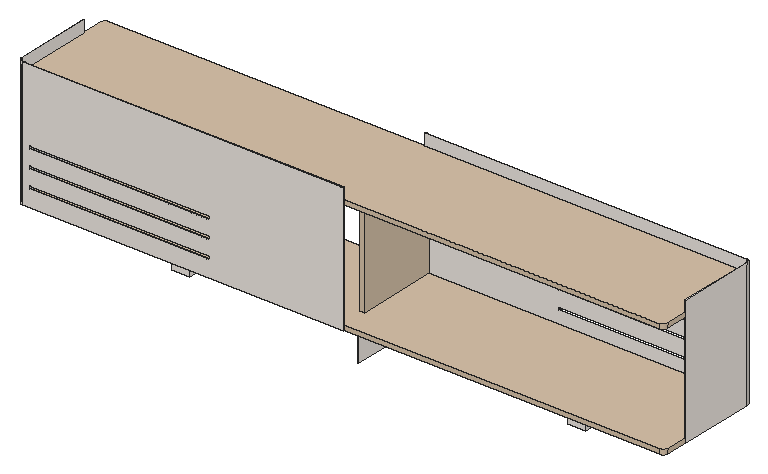
Revit family "Haworth_ActiveComponents_StorageNook_DualSideEnclosed_NEW", category Furniture Systems, Revit 2015
Parameters (values of type "72w 14h")
  With Slots = yes
  Width = 72"
  Warranty = "https://www.haworth.com/resources/product-info/warranties"
  Void Side Dimension = if(With Slots, 20", 5")  # 20"
  URL - Product = "http://www.haworth.com/products/workspaces/accessories/active-components"
  URL = "http://www.haworth.com/"
  Type Comments = ""
  Sustainability Info = "https://www.haworth.com/company-info/sustainability"
  Support Post Width = 2"  # constant formula
  Support Post Overall Width = if(Actual Width > 48", Actual Width - 26", Actual Width - 12")  # 46"
  Stanchion Height = 4 3/8"  # constant formula
  Slot Length = if(Actual Width < 30", 10", if(Actual Width < 48", 13", if(Actual Width < 60", 14 3/4", if(Actual Width < 72", 17 3/4", 20"))))  # 20"
  Size = "Verify Final Dim. w/ Haworth"  # constant formula
  Shelf Finish [instance] = Haworth _ Wood _ White Oak
  Revision Number = "2"  # constant formula
  Panel Thickness = 1/16"  # constant formula
  Mounted Height = 29"  # constant formula
  Model = "AU2B"  # constant formula
  Min. Width = 24"  # constant formula
  Max. Width = 72"  # constant formula
  Manufacturer = "Haworth"  # constant formula
  Low = no
  High = not(Low)  # yes
  Hardware Finish [instance] = Haworth _ Paint _ Plaster
  Description = "Haworth Active Components - Storage Nook Enclosed - Dual Sided - 72w 14h"
  Custom Size = not(or(Width = 24", Width = 30", Width = 36", Width = 42", Width = 48", Width = 51", Width = 54", Width = 60", Width = 63", Width = 66", Width = 72"))  # no
  Case Finish [instance] = Haworth _ Paint _ Plaster
  Author = "Haworth (Bentzen, Alias)"  # constant formula
  Assembly Code = "E2020200"
  Actual Width = if(Width < Min. Width, Min. Width, if(Width > Max. Width, Max. Width, Width))  # 72"
  Actual Height = if(Low, 8", 14 1/4")  # 14 1/4"
  Actual Depth = 12"  # constant formula
Types (2): name | Low | High | Actual Height
  72w 14h | no | yes | 14 1/4"
  72w 8h | yes | no | 8"
Reference planes (in)
  plane 1 "Back End": y = 19.5
  plane 2: z = 0
  plane 3 "Center L/R": x = 0
  plane 4 "Front End": y = 7.5
  plane 5 "Bottom Stanchion": z = 29
  plane 6 "Back Inside": y = 19.4375
  plane 7 "Center FB": y = 13.5
  plane 8: z = 33.875
  plane 9 "Bottom Nook": z = 33.375
  plane 10: z = 46.39813
  plane 11: z = 45.89812
  plane 12 "Front Inside": y = 7.5625
  plane 13 "Shroud Front End": y = 10.4375
  plane 14 "Left End": x = -36
  plane 15 "Right End": x = 36
  plane 16: x = -35.9375
  plane 17: x = 35.9375
  plane 18: x = -23
  plane 19: x = 23
  plane 20: x = -21
  plane 21: x = 21
  plane 22 "Top Nook": z = 47.625
  plane 23 "Void Side End": y = 21.80401
  plane 24 "Void Start": y = 1.80401
  plane 25 "Shroud Back End": y = 16.5625
Forms (in)
  Extrusion 1, solid, material "Haworth _ Wood _ White Oak" <- "Shelf Finish"
    sketch origin (0, 0, 0) x (1, 0, 0) y (0, 1, 0)
      loop
        arc (-35.4375, 19.4375) -> (-35.79105, 19.29105) -> (-35.9375, 18.9375) r 0.5
        line (-35.9375, 18.9375) -> (-35.9375, 8.0625)
        arc (-35.9375, 8.0625) -> (-35.79105, 7.70895) -> (-35.4375, 7.5625) r 0.5
        line (-35.4375, 7.5625) -> (35.4375, 7.5625)
        arc (35.4375, 7.5625) -> (35.79105, 7.70895) -> (35.9375, 8.0625) r 0.5
        line (35.9375, 8.0625) -> (35.9375, 18.9375)
        arc (35.9375, 18.9375) -> (35.79105, 19.29105) -> (35.4375, 19.4375) r 0.5
        line (35.4375, 19.4375) -> (-35.4375, 19.4375)
    from 33.375 to 33.875
  Extrusion 2, solid, material "Haworth _ Wood _ White Oak" <- "Shelf Finish"
    sketch origin (0, 0, 0) x (1, 0, 0) y (0, 1, 0)
      loop
        arc (-35.4375, 19.4375) -> (-35.79105, 19.29105) -> (-35.9375, 18.9375) r 0.5
        line (-35.9375, 18.9375) -> (-35.9375, 8.0625)
        arc (-35.9375, 8.0625) -> (-35.79105, 7.70895) -> (-35.4375, 7.5625) r 0.5
        line (-35.4375, 7.5625) -> (35.4375, 7.5625)
        arc (35.4375, 7.5625) -> (35.79105, 7.70895) -> (35.9375, 8.0625) r 0.5
        line (35.9375, 8.0625) -> (35.9375, 18.9375)
        arc (35.9375, 18.9375) -> (35.79105, 19.29105) -> (35.4375, 19.4375) r 0.5
        line (35.4375, 19.4375) -> (-35.4375, 19.4375)
    from 45.89812 to 46.39813
  Extrusion 3, solid, material "Haworth _ Paint _ Plaster" <- "Case Finish"
    sketch origin (0, 0, 0) x (1, 0, 0) y (0, 1, 0)
      loop
        line (-0.25, 19.4375) -> (35.5, 19.4375)
        arc (35.5, 19.4375) -> (35.80936, 19.30936) -> (35.9375, 19) r 0.4375
        line (35.9375, 19) -> (35.9375, 10.4375) -> (36, 10.4375) -> (36, 19)
        arc (36, 19) -> (35.85355, 19.35355) -> (35.5, 19.5) r 0.5
        line (35.5, 19.5) -> (-0.25, 19.5) -> (-0.25, 19.4375)
      loop
        line (0.25, 7.5625) -> (-35.5, 7.5625)
        arc (-35.5, 7.5625) -> (-35.80936, 7.69064) -> (-35.9375, 8) r 0.4375
        line (-35.9375, 8) -> (-35.9375, 16.5625) -> (-36, 16.5625) -> (-36, 8)
        arc (-36, 8) -> (-35.85355, 7.64645) -> (-35.5, 7.5) r 0.5
        line (-35.5, 7.5) -> (0.25, 7.5) -> (0.25, 7.5625)
    from 33.375 to 47.625
  Extrusion 4, solid, material "Haworth _ Paint _ Plaster" <- "Hardware Finish"
    sketch origin (0, 0, 0) x (1, 0, 0) y (0, 1, 0)
      loop
        line (-23, 14.25) -> (-23, 12.73437) -> (-21, 12.73437) -> (-21, 14.25) -> (-23, 14.25)
      loop
        line (23, 14.25) -> (21, 14.25) -> (21, 12.73437) -> (23, 12.73437) -> (23, 14.25)
      loop
        line (-0.0625, 17.06237) -> (-0.0625, 9.93763) -> (0.0625, 9.93763) -> (0.0625, 17.06237) -> (-0.0625, 17.06237)
    from 29 to 33.375
  Sweep 5, void
    path origin (0, 0, 33.375) x (-1, 0, 0) y (0, -1, 0)
      loop
        line (0, -21.80401) -> (0, -1.80401)
    profile origin (0, 11.80401, 33.375) x (1, 0, 0) y (0, 0, 1)
      loop
        line (14.66, 2.15313) -> (14.66, 1.82813) -> (34.66, 1.82813) -> (34.66, 2.15313) -> (14.66, 2.15313)
      loop
        line (14.66, 6.15313) -> (14.66, 5.82812) -> (34.66, 5.82812) -> (34.66, 6.15313) -> (14.66, 6.15313)
      loop
        line (14.66, 4.15313) -> (14.66, 3.82813) -> (34.66, 3.82813) -> (34.66, 4.15313) -> (14.66, 4.15313)
  Sweep 6, void
    path origin (0, 0, 33.375) x (1, 0, 0) y (0, -1, 0)
      loop
        line (0, -21.80401) -> (0, -1.80401)
    profile origin (0, 11.80401, 33.375) x (1, 0, 0) y (0, 0, 1)
      loop
        line (-14.66, 2.15313) -> (-34.66, 2.15313) -> (-34.66, 1.82813) -> (-14.66, 1.82813) -> (-14.66, 2.15313)
      loop
        line (-14.66, 6.15313) -> (-34.66, 6.15313) -> (-34.66, 5.82812) -> (-14.66, 5.82812) -> (-14.66, 6.15313)
      loop
        line (-14.66, 4.15313) -> (-34.66, 4.15313) -> (-34.66, 3.82813) -> (-14.66, 3.82813) -> (-14.66, 4.15313)
  Extrusion 7, solid, material "Haworth _ Wood _ White Oak" <- "Shelf Finish"
    sketch origin (0, 0, 33.375) x (-1, 0, 0) y (0, -1, 0)
      loop
        line (0.25, -19.4375) -> (0.25, -10.4375) -> (-0.25, -10.4375) -> (-0.25, -19.4375) -> (0.25, -19.4375)
    from 0.5 to 12.52312
Cuts and joins
  Sweep 5, Sweep 6 cuts Extrusion 3
Lines and regions (in)
  Masking region 1
    outline origin (-46, 74.25, 0) x (1, 0, 0) y (0, 1, 0)
      loop
        arc (10.5, -54.75) -> (10.14645, -54.89645) -> (10, -55.25) r 0.5
        line (10, -55.25) -> (10, -66.25)
        arc (10, -66.25) -> (10.14645, -66.60355) -> (10.5, -66.75) r 0.5
        line (10.5, -66.75) -> (81.5, -66.75)
        arc (81.5, -66.75) -> (81.85355, -66.60355) -> (82, -66.25) r 0.5
        line (82, -66.25) -> (82, -55.25)
        arc (82, -55.25) -> (81.85355, -54.89645) -> (81.5, -54.75) r 0.5
        line (81.5, -54.75) -> (10.5, -54.75)
  symbolic lines, style "Haworth"
    curve 1: line (-21, 19.8469, 33.375) -> (-21, 24.3469, 33.375)
    curve 2: line (-21, 24.3469, 33.375) -> (-21.75, 23.5969, 33.375)
    curve 3: line (21, 7.15302, 33.375) -> (21, 2.65302, 33.375)
    curve 4: line (21, 2.65302, 33.375) -> (21.75, 3.40302, 33.375)
Dimensions and locks (in)
  "Mounted Height": plane 5 "Bottom Stanchion" to level
  "Actual Depth": plane 1 "Back End" to plane 4 "Front End"
  "Panel Thickness": plane 6 "Back Inside" to plane 1 "Back End"
  equal spacing: plane 1 "Back End", plane 7 "Center FB", plane 4 "Front End"
  locked: plane 8 to plane 9 "Bottom Nook" at 0.5
  locked: plane 10 to plane 11 at 0.5
  "Panel Thickness": plane 12 "Front Inside" to plane 4 "Front End"
  locked: plane 13 "Shroud Front End" to plane 12 "Front Inside" at 2.875
  equal spacing: plane 14 "Left End", plane 3 "Center L/R", plane 15 "Right End"
  "Actual Width": plane 14 "Left End" to plane 15 "Right End"
  "Panel Thickness": plane 14 "Left End" to plane 16
  "Panel Thickness": plane 17 to plane 15 "Right End"
  equal spacing: plane 18, plane 3 "Center L/R", plane 19
  "Support Post Overall Width": plane 18 to plane 19
  "Support Post Width": plane 21 to plane 19
  "Support Post Width": plane 18 to plane 20
  "Actual Height": plane 22 "Top Nook" to plane 9 "Bottom Nook"
  "Void Side Dimension": plane 23 "Void Side End" to plane 24 "Void Start"
  "Stanchion Height": plane 9 "Bottom Nook" to plane 5 "Bottom Stanchion"
  locked: Extrusion 4 sketch curve to plane 7 "Center FB" at 0.75  (x2)
  locked: Extrusion 4 sketch curve to plane 7 "Center FB" at 0.76562
  locked: plane 7 "Center FB" to Extrusion 4 sketch curve at 0.76563
  locked: plane 3 "Center L/R" to Extrusion 4 sketch curve at 0.0625
  locked: Extrusion 4 sketch curve to plane 3 "Center L/R" at 0.0625
  locked: plane 7 "Center FB" to Extrusion 4 sketch curve at 3.56237
  locked: Extrusion 4 sketch curve to plane 7 "Center FB" at 3.56237
  locked: Sweep 5 sketch curve to plane 15 "Right End" at 1.34  (x3)
  "Slot Length": Sweep 5 sketch curve to Sweep 5 sketch curve  (x3)
  "Slot Length": Sweep 6 sketch curve to Sweep 6 sketch curve  (x3)
  locked: plane 14 "Left End" to Sweep 6 sketch curve at 1.34  (x3)
  locked: Extrusion 7 sketch curve to Extrusion 7 sketch curve at 0.5
  equal spacing: Extrusion 7 sketch curve, plane 3 "Center L/R", Extrusion 7 sketch curve
  locked: plane 6 "Back Inside" to plane 25 "Shroud Back End" at 2.875
  locked: Extrusion 3 sketch curve to plane 3 "Center L/R" at 0.25
  locked: plane 3 "Center L/R" to Extrusion 3 sketch curve at 0.25
  locked: curve 2 to plane 20 at 0.75
  locked: plane 21 to curve 4 at 0.75
  locked: plane 22 "Top Nook" to plane 10 at 1.22687
  Sweep 6 sketch curve to Sweep 6 sketch curve to Sweep 6 sketch curve to Sweep 6 sketch curve to Sweep 6 sketch curve to Sweep 6 sketch curve to plane 8 = 0.325" locked, 1.675" locked, 0.325" locked, 1.675" locked, 0.325" locked, 1 21/64" locked
  Sweep 5 sketch curve to Sweep 5 sketch curve to Sweep 5 sketch curve to Sweep 5 sketch curve to Sweep 5 sketch curve to Sweep 5 sketch curve to plane 8 = 0.325" locked, 1.675" locked, 0.325" locked, 1.675" locked, 0.325" locked, 1 21/64" locked
  aligned and locked: level to plane 2
  aligned and locked: Extrusion 1 sketch curve to plane 6 "Back Inside"
  aligned and locked: Extrusion 2 sketch curve to plane 6 "Back Inside"
  aligned and locked: Extrusion 3 to plane 9 "Bottom Nook"
  aligned and locked: plane 9 "Bottom Nook" to Extrusion 4
  aligned and locked: Extrusion 4 to plane 5 "Bottom Stanchion"
  aligned and locked: Extrusion 1 to plane 16
  aligned and locked: Extrusion 2 to plane 16
  aligned and locked: plane 17 to Extrusion 2
  aligned and locked: plane 17 to Extrusion 1
  aligned and locked: Extrusion 4 to plane 18
  aligned and locked: plane 20 to Extrusion 4
  aligned and locked: Extrusion 4 to plane 21
  aligned and locked: plane 19 to Extrusion 4
  aligned and locked: plane 10 to Extrusion 2
  aligned and locked: Extrusion 2 to plane 11
  aligned and locked: plane 8 to Extrusion 1
  aligned and locked: Extrusion 1 to plane 9 "Bottom Nook"
  aligned and locked: Extrusion 2 to plane 12 "Front Inside"
  aligned and locked: Masking region 1 to plane 14 "Left End"
  aligned and locked: plane 15 "Right End" to Masking region 1
  aligned and locked: Masking region 1 to plane 4 "Front End"
  aligned and locked: plane 22 "Top Nook" to Extrusion 3
  aligned and locked: Masking region 1 to plane 1 "Back End"
  aligned and locked: plane 1 "Back End" to Masking region 1 sketch curve
  aligned and locked: Masking region 1 sketch curve to plane 15 "Right End"
  aligned and locked: plane 4 "Front End" to Masking region 1 sketch curve
  aligned and locked: plane 14 "Left End" to Masking region 1 sketch curve
  aligned and locked: Extrusion 2 sketch curve to plane 17
  aligned and locked: plane 12 "Front Inside" to Extrusion 2 sketch curve
  aligned and locked: plane 16 to Extrusion 2 sketch curve
  aligned and locked: Extrusion 1 sketch curve to plane 17
  aligned and locked: plane 12 "Front Inside" to Extrusion 1 sketch curve
  aligned and locked: plane 16 to Extrusion 1 sketch curve
  aligned and locked: Extrusion 4 sketch curve to plane 20
  aligned and locked: plane 18 to Extrusion 4 sketch curve
  aligned and locked: plane 19 to Extrusion 4 sketch curve
  aligned and locked: Extrusion 4 sketch curve to plane 21
  aligned and locked: plane 1 "Back End" to Extrusion 3 sketch curve
  aligned and locked: Extrusion 3 sketch curve to plane 6 "Back Inside"
  aligned and locked: plane 15 "Right End" to Extrusion 3 sketch curve
  aligned and locked: plane 17 to Extrusion 3 sketch curve
  aligned and locked: plane 13 "Shroud Front End" to Extrusion 3 sketch curve
  aligned and locked: Sweep 5 sketch curve to plane 3 "Center L/R"
  aligned and locked: plane 24 "Void Start" to Sweep 5 sketch curve
  aligned and locked: plane 23 "Void Side End" to Sweep 5 sketch curve
  aligned and locked: profile plane to plane 9 "Bottom Nook"
  aligned and locked: profile plane to plane 3 "Center L/R"
  aligned and locked: Sweep 6 sketch curve to plane 3 "Center L/R"
  aligned and locked: plane 23 "Void Side End" to Sweep 6 sketch curve
  aligned and locked: plane 24 "Void Start" to Sweep 6 sketch curve
  aligned and locked: plane 13 "Shroud Front End" to Extrusion 7 sketch curve
  aligned and locked: Extrusion 7 sketch curve to plane 6 "Back Inside"
  aligned and locked: plane 11 to Extrusion 7
  aligned and locked: Extrusion 7 to plane 8
  aligned and locked: plane 4 "Front End" to Extrusion 3 sketch curve
  aligned and locked: plane 12 "Front Inside" to Extrusion 3 sketch curve
  aligned and locked: Extrusion 3 sketch curve to plane 16
  aligned and locked: Extrusion 3 sketch curve to plane 14 "Left End"
  aligned and locked: plane 25 "Shroud Back End" to Extrusion 3 sketch curve
  aligned and locked: plane 20 to curve 1
  aligned and locked: plane 20 to curve 2
  aligned and locked: curve 3 to plane 21
  aligned and locked: plane 21 to curve 4
Automatic sketch dimensions
  plane 16 to Masking region 1 sketch curve = 7/16"
  Masking region 1 sketch curve to plane 6 "Back Inside" = 7/16"  (x2)
  Masking region 1 sketch curve to plane 17 = 7/16"
  Extrusion 1 sketch curve to Extrusion 1 sketch curve = 1/2"
  plane 16 to Extrusion 1 sketch curve = 1/2"
  Extrusion 1 sketch curve to plane 17 = 1/2"  (x2)
  plane 16 to Extrusion 2 sketch curve = 1/2"
  Extrusion 2 sketch curve to Extrusion 2 sketch curve = 1/2"
  plane 12 "Front Inside" to Extrusion 2 sketch curve = 1/2"
  Extrusion 2 sketch curve to plane 17 = 1/2"
  Extrusion 3 sketch curve to Extrusion 3 sketch curve = 0"  (x4)
  plane 16 to Extrusion 3 sketch curve = 7/16"
  Extrusion 3 sketch curve to plane 17 = 7/16"
  plane 24 "Void Start" to curve 4 = 0.84901"
  curve 1 to curve 2 = 3/4"
  plane 24 "Void Start" to curve 4 = 1.59901"
  plane 23 "Void Side End" to curve 2 = 2.54289"
  curve 1 to plane 1 "Back End" = 0.3469"
  curve 3 to plane 4 "Front End" = 0.34698"
